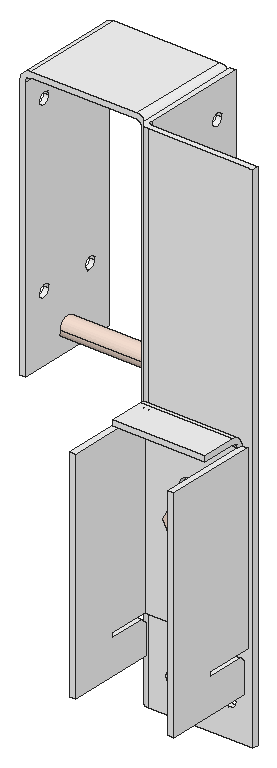
Revit family "KIRIIアングルクランプL100_逆", category 機械設備, Revit 2020
Family settings
  丸型コネクタ寸法 = 直径を使用
  種別 = なし
  パーツ タイプ = 標準
  作業面ベース = いいえ
  常に垂直 = はい
  ロード時にボイドで切り取り = いいえ
  共有 = いいえ
  部屋計算ポイント = いいえ
Parameters
  製造元 = "株式会社桐井製作所"
  既定の高さ = 0 mm
  URL = "https://www.kirii.co.jp/"
  K_板厚(mm) = 2.3 mm
  K_品名 = "KIRIIアングルクランプL100(C100用)逆"
  K_名称 = "支持構造部接合金具"
  K_バージョン情報 = "240619"
Reference planes
  plane 1 "中心(正面/背面)": y = 0
  plane 2: z = 0
  plane 3 "中心(左/右)": x = 0
Forms (mm)
  Extrusion 1, solid
    sketch origin (2.3, 0, 80) x (1, 0, 0) y (0, 1, 0)
      loop
        line (2.3, -5) -> (47.7, -5) -> (47.7, -2.7) -> (2.3, -2.7)
        arc (2.3, -2.7) -> (0.674, -2.026) -> (0, -0.4) r 2.3
        line (0, -0.4) -> (0, 45) -> (-2.3, 45) -> (-2.3, -0.4)
        arc (-2.3, -0.4) -> (-0.953, -3.653) -> (2.3, -5) r 4.6
    from 145 to -80
  Extrusion 2, solid
    sketch origin (0, 0, 80) x (1, 0, 0) y (0, 0, 1)
      loop
        circle (25, 0) r 5
      loop
        circle (25, 0) r 4.5
    from 2.7 to 0
  Extrusion 3, solid
    sketch origin (0, 0, 80) x (0, 1, 0) y (0, 0, 1)
      loop
        arc (-5, 36) -> (-6.347, 39.253) -> (-9.6, 40.6) r 4.6
        line (-9.6, 40.6) -> (-25, 40.6) -> (-25, 38.3) -> (-9.6, 38.3)
        arc (-9.6, 38.3) -> (-7.974, 37.626) -> (-7.3, 36) r 2.3
        line (-7.3, 36) -> (-7.3, -42) -> (-5, -42) -> (-5, 36)
    from 5 to 45
  Extrusion 4, solid
    sketch origin (0, 0, 80) x (1, 0, 0) y (0, 0, 1)
      loop
        line (2.3, 36) -> (2.3, -59) -> (5, -59) -> (5, 36) -> (2.3, 36)
      loop
        line (45, 36) -> (45, -59) -> (47.7, -59) -> (47.7, 36) -> (45, 36)
    from 5 to 45
  Extrusion 5, void
    sketch origin (0, 0, 80) x (0, 1, 0) y (0, 0, 1)
      loop
        line (-25.5, -42) -> (-25.5, -44) -> (-9, -44) -> (-7, -46) -> (-7, -59) -> (-5, -59) -> (-5, -42) -> (-25.5, -42)
    from 50 to 0
  Extrusion 6, void
    sketch origin (0, 0, 80) x (1, 0, 0) y (0, 0, 1)
      loop
        circle (25, 0) r 4.5
    from 5 to 2.7
  Extrusion 7, void
    sketch origin (0, 0, 80) x (1, 0, 0) y (0, 0, 1)
      loop
        arc (30.25, 12.25) -> (28.712, 15.962) -> (25, 17.5) r 5.25
        arc (25, 17.5) -> (21.288, 15.962) -> (19.75, 12.25) r 5.25
        line (19.75, 12.25) -> (19.75, -12.25)
        arc (19.75, -12.25) -> (21.288, -15.962) -> (25, -17.5) r 5.25
        arc (25, -17.5) -> (28.712, -15.962) -> (30.25, -12.25) r 5.25
        line (30.25, -12.25) -> (30.25, 12.25)
    from 7.3 to 5
  Extrusion 8, void
    sketch origin (0, 0, 80) x (1, 0, 0) y (0, 0, 1)
      loop
        circle (25, -32) r 2.25
    from 7.3 to 5
  Extrusion 9, void
    sketch origin (0, 0, 0) x (1, 0, 0) y (0, 0, 1)
      loop
        circle (15, 15.2) r 2.75
      loop
        circle (40, 15.2) r 2.75
    from 5 to 2.7
  Extrusion 10, void
    sketch origin (0, 0, 0) x (0, 1, 0) y (0, 0, 1)
      loop
        circle (35, 210.2) r 2.75
      loop
        circle (10, 210.2) r 2.75
      loop
        circle (35, 185.2) r 2.75
      loop
        circle (10, 185.2) r 2.75
      loop
        circle (35, 160.2) r 2.75
      loop
        circle (10, 160.2) r 2.75
      loop
        circle (35, 135.2) r 2.75
      loop
        circle (10, 135.2) r 2.75
      loop
        circle (35, 110.2) r 2.75
      loop
        circle (10, 110.2) r 2.75
      loop
        circle (35, 85.2) r 2.75
      loop
        circle (10, 85.2) r 2.75
      loop
        circle (35, 60.2) r 2.75
      loop
        circle (10, 60.2) r 2.75
      loop
        arc (27.75, 115.45) -> (22.5, 120.7) -> (17.25, 115.45) r 5.25
        line (17.25, 115.45) -> (17.25, 90.95)
        arc (17.25, 90.95) -> (22.5, 85.7) -> (27.75, 90.95) r 5.25
        line (27.75, 90.95) -> (27.75, 115.45)
      loop
        arc (27.75, 65.45) -> (22.5, 70.7) -> (17.25, 65.45) r 5.25
        line (17.25, 65.45) -> (17.25, 40.95)
        arc (17.25, 40.95) -> (22.5, 35.7) -> (27.75, 40.95) r 5.25
        line (27.75, 40.95) -> (27.75, 65.45)
    from 2.3 to 0
  Extrusion 11, solid
    sketch origin (-2.3, 0, 130.616) x (1, 0, 0) y (0, 0, 1)
      loop
        line (0, -24.3) -> (2.3, -24.3) -> (2.3, 90.4)
        arc (2.3, 90.4) -> (0.953, 93.653) -> (-2.3, 95) r 4.6
        line (-2.3, 95) -> (-48.2, 95)
        arc (-48.2, 95) -> (-51.453, 93.653) -> (-52.8, 90.4) r 4.6
        line (-52.8, 90.4) -> (-52.8, -24.3) -> (-50.5, -24.3) -> (-50.5, 90.4)
        arc (-50.5, 90.4) -> (-49.826, 92.026) -> (-48.2, 92.7) r 2.3
        line (-48.2, 92.7) -> (-2.3, 92.7)
        arc (-2.3, 92.7) -> (-0.674, 92.026) -> (0, 90.4) r 2.3
        line (0, 90.4) -> (0, -24.3)
    from 0 to -45
  Extrusion 12, void
    sketch origin (0, 0, 0) x (0, 1, 0) y (0, 0, 1)
      loop
        circle (35, 210.2) r 2.75
      loop
        circle (10, 210.2) r 2.75
      loop
        circle (35, 135.2) r 2.75
      loop
        circle (10, 135.2) r 2.75
    from 0 to -2.3
  Extrusion 13, void
    sketch origin (-52.8, 0, 0) x (0, 1, 0) y (0, 0, 1)
      loop
        circle (35, 210.2) r 2.75
      loop
        circle (10, 210.2) r 2.75
      loop
        circle (35, 135.2) r 2.75
      loop
        circle (10, 135.2) r 2.75
    from 0 to -2.3
Cuts and joins
  Extrusion 6, Extrusion 7, Extrusion 9, Extrusion 10 cuts Extrusion 1
  Extrusion 7, Extrusion 10 cuts Extrusion 2
  Extrusion 7, Extrusion 8 cuts Extrusion 3
  Extrusion 5 cuts Extrusion 4
  Extrusion 12, Extrusion 13 cuts Extrusion 11
  joined: Extrusion 1, Extrusion 2, Extrusion 3, Extrusion 4, Extrusion 11
Dimensions and locks
  aligned and locked: level to plane 2
Nested families
  nested 1: "M10×25ボルト" at (25, -11.3, 80) x (-1, 0, 0) z (0, 0, 1), type "M10×25ボルト"
  nested 2: "M10×60ボルト" at (-59.1, 22.5, 116.316) x (0, -1, 0) z (0, 0, 1), type "M10×60ボルト"
Definition of nested family "M10×25ボルト"
  Parameters (values of type "M10×25ボルト")
    Manufacturer = "株式会社桐井製作所"
    Default Elevation = 0 mm
    URL = "https://www.kirii.co.jp/"
    K_材料規格 = "M10×L25"
    K_品名 = "M10×25ボルト"
    K_名称 = "M10×25ボルト"
    K_備考 = "KIRIIアングルクランプ付属品"
  Reference planes
    plane 1 "中心(正面/背面)": y = 0
    plane 2: z = 0
    plane 3 "中心(左/右)": x = 0
    plane 4: x = 8
    plane 5: x = -8
    plane 6 "正面": y = -4
    plane 7: z = 8
    plane 8: z = -8
  Forms (mm)
    Extrusion 1, solid
      sketch origin (0, 0, 0) x (1, 0, 0) y (0, 0, 1)
        loop
          line (-4.619, 8) -> (-9.238, 0) -> (-4.619, -8) -> (4.619, -8) -> (9.238, 0) -> (4.619, 8) -> (-4.619, 8)
      from 0 to 4
    Extrusion 2, solid
      sketch origin (0, 0, 25.676) x (1, 0, 0) y (0, 0, 1)
        loop
          circle (0, -25.676) r 4.1
      from 4 to 29
  Cuts and joins
    joined: Extrusion 1, Extrusion 2
  Lines and regions (mm)
    model lines
      curve 1: circle (0, 0, 0) r 8 normal (0, -1, 0)
  Dimensions and locks
    aligned and locked: level to plane 2
Definition of nested family "M10×60ボルト"
  Parameters (values of type "M10×60ボルト")
    Manufacturer = "株式会社桐井製作所"
    Default Elevation = 0 mm
    URL = "https://www.kirii.co.jp/"
    K_材料規格 = "M10×L60"
    K_品名 = "M10×60ボルト"
    K_名称 = "M10×60ボルト"
    K_備考 = "KIRIIアングルクランプ付属品"
  Reference planes
    plane 1 "中心(正面/背面)": y = 0
    plane 2: z = 0
    plane 3 "中心(左/右)": x = 0
    plane 4: x = 8
    plane 5: x = -8
    plane 6 "正面": y = -4
    plane 7: z = 8
    plane 8: z = -8
  Forms (mm)
    Extrusion 1, solid
      sketch origin (0, 0, 0) x (1, 0, 0) y (0, 0, 1)
        loop
          line (-4.619, 8) -> (-9.238, 0) -> (-4.619, -8) -> (4.619, -8) -> (9.238, 0) -> (4.619, 8) -> (-4.619, 8)
      from 0 to 4
    Extrusion 2, solid
      sketch origin (0, 0, 25.676) x (1, 0, 0) y (0, 0, 1)
        loop
          circle (0, -25.676) r 4.1
      from 4 to 64
  Cuts and joins
    joined: Extrusion 1, Extrusion 2
  Lines and regions (mm)
    model lines
      curve 1: circle (0, 0, 0) r 8 normal (0, -1, 0)
  Dimensions and locks
    aligned and locked: level to plane 2
